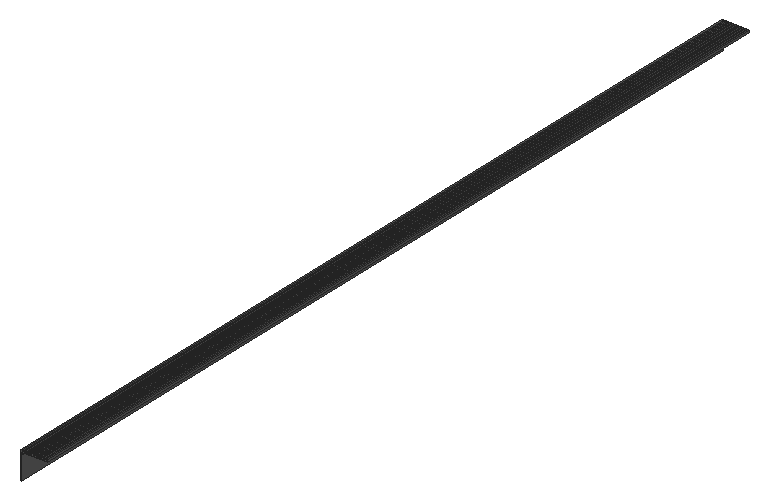
Revit family "111213003021804", category Modelos genéricos, Revit 2018
Family settings
  Puede alojar armadura = No
  Cota de conector redondo = Diámetro de uso
  Tipo de pieza = Normal
  Se basa en plano de trabajo = No
  Siempre vertical = No
  Corte con vacíos al cargar = No
  Compartido = No
  Punto de cálculo de habitación = No
Parameters (values of type "NARIZ DE GRADA PVC 37X37MM NEGRO TIRA 1.2MT")
  Ventajas = "Autoextinguible"
  Uso = "Se utiliza para instalarlos en los vértices de las escaleras hechas de cerámica, metal,\r\npiso vinílico, entre otros. Con el objetivo de generar una solución antideslizante y así evitar\r\naccidentes."
  Unidad = "Tiras de 1.20 Mts y 3.00 Mts."
  URL = "https://www.empresascnp.cl/"
  Num SKUs = "111213003021804"
  Nombre SKU = "NARIZ DE GRADA PVC 37X37MM NEGRO TIRA 1.2MT"
  Modelo = "NARIZ DE GRADA PVC 37X37MM"
  Material = PVC flexible negro
  Url Ficha tecnica = "https://empresascnp.cl/wp-content/uploads//pdf/ficha-tecnica-nariz-de-grada-pvc-37x37mm-negro-tira-1-2mt.pdf"
  Largo = 1200.00 mm
  Espesor = 2.00 mm
  Empresa = "CNP SPA."
  Dureza = "80 shore A"
  Dimension = 37.00 mm
  Descripción = "Nariz de grada PVC 37x37 MM"
  Contacto = "info@empresascnp.cl"
  Color = "Negro"
  Aplicacion = "Escaleras"
Reference planes
  plane 1 "Center F/B": y = 0
  plane 2: z = 0
  plane 3 "Center L/R": x = 0
  plane 4: z = -37
  plane 5 "2": y = 600
  plane 6 "3": y = -600
  plane 7: x = 37
  plane 8: z = -2
  plane 9 "4": x = 2
Forms (mm)
  Extrusion 1, solid, material "PVC flexible negro" <- "Material"
    sketch origin (0, 0, 0) x (1, 0, 0) y (0, 0, 1)
      loop
        line (0, -2) -> (0, -37) -> (2, -37) -> (2, -5)
        arc (2, -5) -> (2.879, -2.879) -> (5, -2) r 3
        line (5, -2) -> (37, -2) -> (37, 0) -> (36, 0) -> (36, 1) -> (35, 1) -> (35, 0) -> (34, 0) -> (34, 1) -> (33, 1) -> (33, 0) -> (32, 0) -> (32, 1) -> (31, 1) -> (31, 0) -> (30, 0) -> (30, 1) -> (29, 1) -> (29, 0) -> (28, 0) -> (28, 1) -> (27, 1) -> (27, 0) -> (26, 0) -> (26, 1) -> (25, 1) -> (25, 0) -> (24, 0) -> (24, 1) -> (23, 1) -> (23, 0) -> (22, 0) -> (22, 1) -> (21, 1) -> (21, 0) -> (20, 0) -> (20, 1) -> (19, 1) -> (19, 0) -> (18, 0) -> (18, 1) -> (17, 1) -> (17, 0) -> (16, 0) -> (16, 1) -> (15, 1) -> (15, 0) -> (14, 0) -> (14, 1) -> (13, 1) -> (13, 0) -> (12, 0) -> (12, 1) -> (11, 1) -> (11, 0) -> (10, 0) -> (10, 1) -> (9, 1) -> (9, 0) -> (8, 0) -> (8, 1) -> (7, 1) -> (7, 0) -> (6, 0) -> (6, 1) -> (5, 1) -> (5, 0) -> (4, 0) -> (4, 1) -> (3, 1)
        arc (3, 1) -> (0.879, 0.121) -> (0, -2) r 3
    from -600 to 600
Dimensions and locks
  "Dimension": level to plane 4
  equal spacing: plane 6 "3", plane 1 "Center F/B", plane 5 "2"
  "Largo": plane 6 "3" to plane 5 "2"
  "Dimension": plane 7 to plane 3 "Center L/R"
  "Espesor": plane 2 to Extrusion 1 sketch curve
  "Espesor": Extrusion 1 sketch curve to plane 3 "Center L/R"
  aligned and locked: plane 6 "3" to Extrusion 1
  aligned and locked: Extrusion 1 to plane 5 "2"
  aligned and locked: Extrusion 1 sketch curve to plane 3 "Center L/R"
  aligned and locked: Extrusion 1 sketch curve to plane 7
  aligned and locked: plane 4 to Extrusion 1 sketch curve
Automatic sketch dimensions
  Extrusion 1 sketch curve to plane 8 = 0.00 mm
  Extrusion 1 sketch curve to level = 0.00 mm  (x17)
  level to Extrusion 1 sketch curve = 1.00 mm
  Extrusion 1 sketch curve to Extrusion 1 sketch curve = 1.00 mm  (x47)
  Extrusion 1 sketch curve to Extrusion 1 sketch curve = 3.00 mm
  Extrusion 1 sketch curve to plane 7 = 1.00 mm
  Extrusion 1 sketch curve to Extrusion 1 sketch curve = 0.00 mm
